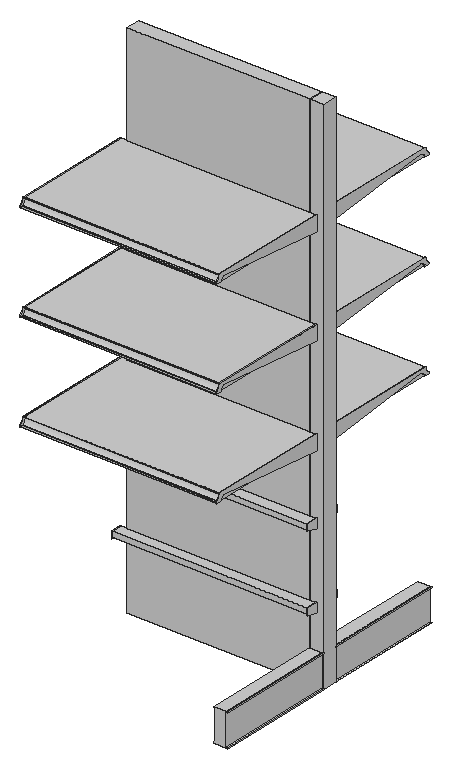
Revit family "MS2", category Specialty Equipment, Revit 2012
Parameters (values of type "Maxi Integrated Pallet System Starter (Default)")
  Width = 3' - 0"
  URL = "http://madixinc.com/display/maxiline/core.html"
  Model = "Maxi Line"
  Manufacturer = "© 2012 Madix, Inc. All rights reserved."
  "Front" Shelf 3' - 6" [instance] = yes
  "Front" Shelf 5' [instance] = yes
  "Front" Shelf 6' - 6" [instance] = yes
  "Back" Base Shoes [instance] = yes
  "Back" Shelf 3' - 6" [instance] = yes
  "Front" Shelf Depth = 1' - 10"
  "Back" Shelf 5' [instance] = yes
  "Back" Shelf Depth = 1' - 10"
  Upright Height = 8' - 0"
  "Back" Shelf 6' - 6" [instance] = yes
Reference planes (in)
  plane 1 "Center (Front/Back)": y = 0
  plane 2: z = 0
  plane 3 "Center (Left/Right)": x = 0
  plane 4: y = 1.375
  plane 5: y = -1.375
  plane 6: z = 96
  plane 7: z = 0
  plane 8 "1st shelf": z = 23.5
  plane 9 "2nd shelf": z = 41.5
  plane 10 "3rd shelf": z = 59.5
  plane 11 "4th shelf": z = 77.5
  plane 12: y = -24.25
  plane 13: x = -18
  plane 14: x = 18
  plane 15: x = -17.875
  plane 16: x = 17.875
  plane 17: z = 41.5
  plane 18: y = 24.25
  plane 19: y = 23.375
  plane 20: y = -23.375
  plane 21: z = 13.83333
  plane 22: z = 27.66667
Forms (in)
  Extrusion 1, solid, material "Metal - Steel"
    sketch origin (-24, 1.375, 0) x (1, 0, 0) y (0, 0, 1)
      loop
        line (7.2815, 0) -> (42, 0) -> (43.25, 0) -> (43.25, 96) -> (40.75, 96) -> (40.75, 0.03125) -> (40.71924, 0.03125) -> (40.71924, 96) -> (7.2815, 96) -> (7.2815, 0)
    from 0 to 2.75
  Extrusion 2, solid, material "Metal - Steel", visible <- ""Front" Shelf 3' - 6""
    sketch origin (0, 0, 18) x (0, 1, 0) y (0, 0, 1)
      loop
        line (-1.375, 23.5) -> (-23.5, 23.5) -> (-23.625, 23.5)
        arc (-23.625, 23.5) -> (-23.83033, 22.87796) -> (-24.25, 22.375) r 1.75
        line (-24.25, 22.375) -> (-24.25, 22.125) -> (-23.375, 22.125) -> (-23.375, 22.375) -> (-22.625, 23) -> (-22.375, 23) -> (-22.375, 22.875) -> (-1.375, 20.75) -> (-1.375, 23.5)
      loop
        circle (-20.375, 23) r 0.125
      loop
        circle (-2.5, 23) r 0.125
    from -17.875 to -18
  Extrusion 3, solid, material "Metal - Steel", visible <- ""Front" Shelf 3' - 6""
    sketch origin (0, 0, 18) x (0, 1, 0) y (0, 0, 1)
      loop
        line (-23.5, 23.5) -> (-23.5, 23.375) -> (-23.375, 23.375)
        arc (-23.375, 23.375) -> (-23.58033, 22.75296) -> (-24, 22.25) r 1.75
        line (-24, 22.25) -> (-24, 22.375) -> (-24.25, 22.375) -> (-24.25, 22.125) -> (-23.375, 22.125) -> (-1.375, 22.125) -> (-1.375, 23.5) -> (-23.5, 23.5)
    from -17.875 to 17.875
  Extrusion 4, solid, material "Metal - Steel", visible <- ""Front" Shelf 3' - 6""
    sketch origin (0, 0, 18) x (0, 1, 0) y (0, 0, -1)
      loop
        line (-1.375, -23.5) -> (-1.375, -20.75) -> (-22.375, -22.875) -> (-22.375, -23) -> (-22.625, -23) -> (-23.375, -22.375) -> (-23.375, -22.125) -> (-24.25, -22.125) -> (-24.25, -22.375)
        arc (-24.25, -22.375) -> (-23.83033, -22.87796) -> (-23.625, -23.5) r 1.75
        line (-23.625, -23.5) -> (-23.5, -23.5) -> (-1.375, -23.5)
      loop
        circle (-20.375, -23) r 0.125
      loop
        circle (-2.5, -23) r 0.125
    from -18 to -17.875
  Extrusion 5, solid, material "Metal - Steel", visible <- ""Front" Shelf 5'"
    sketch origin (0, 0, 36) x (0, 1, 0) y (0, 0, 1)
      loop
        line (-1.375, 23.5) -> (-23.5, 23.5) -> (-23.625, 23.5)
        arc (-23.625, 23.5) -> (-23.83033, 22.87796) -> (-24.25, 22.375) r 1.75
        line (-24.25, 22.375) -> (-24.25, 22.125) -> (-23.375, 22.125) -> (-23.375, 22.375) -> (-22.625, 23) -> (-22.375, 23) -> (-22.375, 22.875) -> (-1.375, 20.75) -> (-1.375, 23.5)
      loop
        circle (-20.375, 23) r 0.125
      loop
        circle (-2.5, 23) r 0.125
    from -18 to -17.875
  Extrusion 6, solid, material "Metal - Steel", visible <- ""Front" Shelf 5'"
    sketch origin (0, 0, 36) x (0, 1, 0) y (0, 0, 1)
      loop
        line (-23.5, 23.5) -> (-23.5, 23.375) -> (-23.375, 23.375)
        arc (-23.375, 23.375) -> (-23.58033, 22.75296) -> (-24, 22.25) r 1.75
        line (-24, 22.25) -> (-24, 22.375) -> (-24.25, 22.375) -> (-24.25, 22.125) -> (-23.375, 22.125) -> (-1.375, 22.125) -> (-1.375, 23.5) -> (-23.5, 23.5)
    from -17.875 to 17.875
  Extrusion 7, solid, material "Metal - Steel", visible <- ""Front" Shelf 5'"
    sketch origin (0, 0, 36) x (0, 1, 0) y (0, 0, -1)
      loop
        line (-1.375, -23.5) -> (-1.375, -20.75) -> (-22.375, -22.875) -> (-22.375, -23) -> (-22.625, -23) -> (-23.375, -22.375) -> (-23.375, -22.125) -> (-24.25, -22.125) -> (-24.25, -22.375)
        arc (-24.25, -22.375) -> (-23.83033, -22.87796) -> (-23.625, -23.5) r 1.75
        line (-23.625, -23.5) -> (-23.5, -23.5) -> (-1.375, -23.5)
      loop
        circle (-20.375, -23) r 0.125
      loop
        circle (-2.5, -23) r 0.125
    from -18 to -17.875
  Extrusion 8, solid, material "Metal - Steel", visible <- ""Front" Shelf 6' - 6""
    sketch origin (0, 0, 54) x (0, 1, 0) y (0, 0, 1)
      loop
        line (-1.375, 23.5) -> (-23.5, 23.5) -> (-23.625, 23.5)
        arc (-23.625, 23.5) -> (-23.83033, 22.87796) -> (-24.25, 22.375) r 1.75
        line (-24.25, 22.375) -> (-24.25, 22.125) -> (-23.375, 22.125) -> (-23.375, 22.375) -> (-22.625, 23) -> (-22.375, 23) -> (-22.375, 22.875) -> (-1.375, 20.75) -> (-1.375, 23.5)
      loop
        circle (-20.375, 23) r 0.125
      loop
        circle (-2.5, 23) r 0.125
    from -18 to -17.875
  Extrusion 9, solid, material "Metal - Steel", visible <- ""Front" Shelf 6' - 6""
    sketch origin (0, 0, 54) x (0, 1, 0) y (0, 0, 1)
      loop
        line (-23.5, 23.5) -> (-23.5, 23.375) -> (-23.375, 23.375)
        arc (-23.375, 23.375) -> (-23.58033, 22.75296) -> (-24, 22.25) r 1.75
        line (-24, 22.25) -> (-24, 22.375) -> (-24.25, 22.375) -> (-24.25, 22.125) -> (-23.375, 22.125) -> (-1.375, 22.125) -> (-1.375, 23.5) -> (-23.5, 23.5)
    from -17.875 to 17.875
  Extrusion 10, solid, material "Metal - Steel", visible <- ""Front" Shelf 6' - 6""
    sketch origin (0, 0, 54) x (0, 1, 0) y (0, 0, -1)
      loop
        line (-1.375, -23.5) -> (-1.375, -20.75) -> (-22.375, -22.875) -> (-22.375, -23) -> (-22.625, -23) -> (-23.375, -22.375) -> (-23.375, -22.125) -> (-24.25, -22.125) -> (-24.25, -22.375)
        arc (-24.25, -22.375) -> (-23.83033, -22.87796) -> (-23.625, -23.5) r 1.75
        line (-23.625, -23.5) -> (-23.5, -23.5) -> (-1.375, -23.5)
      loop
        circle (-20.375, -23) r 0.125
      loop
        circle (-2.5, -23) r 0.125
    from -18 to -17.875
  Extrusion 11, solid, material "Metal - Steel", visible <- ""Back" Shelf 3' - 6""
    sketch origin (0, 0, 18) x (0, -1, 0) y (0, 0, -1)
      loop
        line (-1.375, -23.5) -> (-1.375, -20.75) -> (-22.375, -22.875) -> (-22.375, -23) -> (-22.625, -23) -> (-23.375, -22.375) -> (-23.375, -22.125) -> (-24.25, -22.125) -> (-24.25, -22.375)
        arc (-24.25, -22.375) -> (-23.83033, -22.87796) -> (-23.625, -23.5) r 1.75
        line (-23.625, -23.5) -> (-23.5, -23.5) -> (-1.375, -23.5)
      loop
        circle (-20.375, -23) r 0.125
      loop
        circle (-2.5, -23) r 0.125
    from -18 to -17.875
  Extrusion 12, solid, material "Metal - Steel", visible <- ""Back" Shelf 3' - 6""
    sketch origin (0, 0, 18) x (0, -1, 0) y (0, 0, -1)
      loop
        line (-23.5, -23.5) -> (-1.375, -23.5) -> (-1.375, -22.125) -> (-23.375, -22.125) -> (-24.25, -22.125) -> (-24.25, -22.375) -> (-24, -22.375) -> (-24, -22.25)
        arc (-24, -22.25) -> (-23.58033, -22.75296) -> (-23.375, -23.375) r 1.75
        line (-23.375, -23.375) -> (-23.5, -23.375) -> (-23.5, -23.5)
    from -17.875 to 17.875
  Extrusion 13, solid, material "Metal - Steel", visible <- ""Back" Shelf 3' - 6""
    sketch origin (0, 0, 18) x (0, -1, 0) y (0, 0, 1)
      loop
        line (-1.375, 23.5) -> (-23.5, 23.5) -> (-23.625, 23.5)
        arc (-23.625, 23.5) -> (-23.83033, 22.87796) -> (-24.25, 22.375) r 1.75
        line (-24.25, 22.375) -> (-24.25, 22.125) -> (-23.375, 22.125) -> (-23.375, 22.375) -> (-22.625, 23) -> (-22.375, 23) -> (-22.375, 22.875) -> (-1.375, 20.75) -> (-1.375, 23.5)
      loop
        circle (-20.375, 23) r 0.125
      loop
        circle (-2.5, 23) r 0.125
    from -18 to -17.875
  Extrusion 14, solid, material "Metal - Steel", visible <- ""Back" Shelf 5'"
    sketch origin (0, 0, 36) x (0, -1, 0) y (0, 0, -1)
      loop
        line (-1.375, -23.5) -> (-1.375, -20.75) -> (-22.375, -22.875) -> (-22.375, -23) -> (-22.625, -23) -> (-23.375, -22.375) -> (-23.375, -22.125) -> (-24.25, -22.125) -> (-24.25, -22.375)
        arc (-24.25, -22.375) -> (-23.83033, -22.87796) -> (-23.625, -23.5) r 1.75
        line (-23.625, -23.5) -> (-23.5, -23.5) -> (-1.375, -23.5)
      loop
        circle (-20.375, -23) r 0.125
      loop
        circle (-2.5, -23) r 0.125
    from -18 to -17.875
  Extrusion 15, solid, material "Metal - Steel", visible <- ""Back" Shelf 5'"
    sketch origin (0, 0, 36) x (0, -1, 0) y (0, 0, -1)
      loop
        line (-23.5, -23.5) -> (-1.375, -23.5) -> (-1.375, -22.125) -> (-23.375, -22.125) -> (-24.25, -22.125) -> (-24.25, -22.375) -> (-24, -22.375) -> (-24, -22.25)
        arc (-24, -22.25) -> (-23.58033, -22.75296) -> (-23.375, -23.375) r 1.75
        line (-23.375, -23.375) -> (-23.5, -23.375) -> (-23.5, -23.5)
    from -17.875 to 17.875
  Extrusion 16, solid, material "Metal - Steel", visible <- ""Back" Shelf 5'"
    sketch origin (0, 0, 36) x (0, -1, 0) y (0, 0, 1)
      loop
        line (-1.375, 23.5) -> (-23.5, 23.5) -> (-23.625, 23.5)
        arc (-23.625, 23.5) -> (-23.83033, 22.87796) -> (-24.25, 22.375) r 1.75
        line (-24.25, 22.375) -> (-24.25, 22.125) -> (-23.375, 22.125) -> (-23.375, 22.375) -> (-22.625, 23) -> (-22.375, 23) -> (-22.375, 22.875) -> (-1.375, 20.75) -> (-1.375, 23.5)
      loop
        circle (-20.375, 23) r 0.125
      loop
        circle (-2.5, 23) r 0.125
    from -18 to -17.875
  Extrusion 17, solid, material "Metal - Steel", visible <- ""Back" Shelf 6' - 6""
    sketch origin (0, 0, 54) x (0, -1, 0) y (0, 0, -1)
      loop
        line (-1.375, -23.5) -> (-1.375, -20.75) -> (-22.375, -22.875) -> (-22.375, -23) -> (-22.625, -23) -> (-23.375, -22.375) -> (-23.375, -22.125) -> (-24.25, -22.125) -> (-24.25, -22.375)
        arc (-24.25, -22.375) -> (-23.83033, -22.87796) -> (-23.625, -23.5) r 1.75
        line (-23.625, -23.5) -> (-23.5, -23.5) -> (-1.375, -23.5)
      loop
        circle (-20.375, -23) r 0.125
      loop
        circle (-2.5, -23) r 0.125
    from -18 to -17.875
  Extrusion 18, solid, material "Metal - Steel", visible <- ""Back" Shelf 6' - 6""
    sketch origin (0, 0, 54) x (0, -1, 0) y (0, 0, -1)
      loop
        line (-23.5, -23.5) -> (-1.375, -23.5) -> (-1.375, -22.125) -> (-23.375, -22.125) -> (-24.25, -22.125) -> (-24.25, -22.375) -> (-24, -22.375) -> (-24, -22.25)
        arc (-24, -22.25) -> (-23.58033, -22.75296) -> (-23.375, -23.375) r 1.75
        line (-23.375, -23.375) -> (-23.5, -23.375) -> (-23.5, -23.5)
    from -17.875 to 17.875
  Extrusion 19, solid, material "Metal - Steel", visible <- ""Back" Shelf 6' - 6""
    sketch origin (0, 0, 54) x (0, -1, 0) y (0, 0, 1)
      loop
        line (-1.375, 23.5) -> (-23.5, 23.5) -> (-23.625, 23.5)
        arc (-23.625, 23.5) -> (-23.83033, 22.87796) -> (-24.25, 22.375) r 1.75
        line (-24.25, 22.375) -> (-24.25, 22.125) -> (-23.375, 22.125) -> (-23.375, 22.375) -> (-22.625, 23) -> (-22.375, 23) -> (-22.375, 22.875) -> (-1.375, 20.75) -> (-1.375, 23.5)
      loop
        circle (-20.375, 23) r 0.125
      loop
        circle (-2.5, 23) r 0.125
    from -18 to -17.875
  Extrusion 20, solid, material "Metal - Steel"
    sketch origin (0, 0, 0) x (-1, 0, 0) y (0, 0, -1)
      loop
        line (-16.75, 0) -> (-19.25, 0) -> (-19.25, -0.125) -> (-19, -0.125) -> (-19, -5.875) -> (-19.25, -5.875) -> (-19.25, -6) -> (-16.75, -6) -> (-16.75, -5.875) -> (-17, -5.875) -> (-17, -0.125) -> (-16.75, -0.125) -> (-16.75, 0)
    from 1.375 to 23.375
  Extrusion 21, solid, material "Metal - Steel", visible <- ""Back" Base Shoes"
    sketch origin (0, 0, 0) x (-1, 0, 0) y (0, 0, 1)
      loop
        line (-16.75, 0) -> (-16.75, 0.125) -> (-17, 0.125) -> (-17, 5.875) -> (-16.75, 5.875) -> (-16.75, 6) -> (-19.25, 6) -> (-19.25, 5.875) -> (-19, 5.875) -> (-19, 0.125) -> (-19.25, 0.125) -> (-19.25, 0) -> (-16.75, 0)
    from 1.375 to 23.375
  Extrusion 22, solid, material "Metal - Steel"
    sketch origin (0, 0, 0) x (0, 1, 0) y (0, 0, 1)
      loop
        line (-1.375, 27.66667) -> (-3.375, 27.66667) -> (-3.375, 26.66667) -> (-1.375, 26.66667) -> (-1.375, 27.66667)
      loop
        line (-1.375, 13.83333) -> (-3.375, 13.83333) -> (-3.375, 12.83333) -> (-1.375, 12.83333) -> (-1.375, 13.83333)
    from -17.875 to 17.875
  Extrusion 23, solid, material "Metal - Steel", visible <- ""Back" Base Shoes"
    sketch origin (0, 0, 0) x (0, -1, 0) y (0, 0, -1)
      loop
        line (-1.375, -27.66667) -> (-1.375, -26.66667) -> (-3.375, -26.66667) -> (-3.375, -27.66667) -> (-1.375, -27.66667)
      loop
        line (-1.375, -13.83333) -> (-1.375, -12.83333) -> (-3.375, -12.83333) -> (-3.375, -13.83333) -> (-1.375, -13.83333)
    from -17.875 to 17.875
  Extrusion 24, solid, material "Metal - Steel"
    sketch origin (0, 0, 0) x (0, 1, 0) y (0, 0, 1)
      loop
        line (-1.375, 27.66667) -> (-3.375, 27.66667) -> (-3.375, 26.41667) -> (-1.375, 25.91667) -> (-1.375, 27.66667)
      loop
        line (-1.375, 13.83333) -> (-3.375, 13.83333) -> (-3.375, 12.58333) -> (-1.375, 12.08333) -> (-1.375, 13.83333)
    from -18 to -17.875
  Extrusion 25, solid, material "Metal - Steel", visible <- ""Back" Base Shoes"
    sketch origin (0, 0, 0) x (0, -1, 0) y (0, 0, -1)
      loop
        line (-1.375, -27.66667) -> (-1.375, -25.91667) -> (-3.375, -26.41667) -> (-3.375, -27.66667) -> (-1.375, -27.66667)
      loop
        line (-1.375, -13.83333) -> (-1.375, -12.08333) -> (-3.375, -12.58333) -> (-3.375, -13.83333) -> (-1.375, -13.83333)
    from -18 to -17.875
  Extrusion 26, solid, material "Metal - Steel", visible <- ""Back" Base Shoes"
    sketch origin (0, 0, 0) x (0, -1, 0) y (0, 0, 1)
      loop
        line (-1.375, 27.66667) -> (-3.375, 27.66667) -> (-3.375, 26.41667) -> (-1.375, 25.91667) -> (-1.375, 27.66667)
      loop
        line (-1.375, 13.83333) -> (-3.375, 13.83333) -> (-3.375, 12.58333) -> (-1.375, 12.08333) -> (-1.375, 13.83333)
    from -18 to -17.875
  Extrusion 27, solid, material "Metal - Steel"
    sketch origin (0, 0, 0) x (0, 1, 0) y (0, 0, -1)
      loop
        line (-1.375, -27.66667) -> (-1.375, -25.91667) -> (-3.375, -26.41667) -> (-3.375, -27.66667) -> (-1.375, -27.66667)
      loop
        line (-1.375, -13.83333) -> (-1.375, -12.08333) -> (-3.375, -12.58333) -> (-3.375, -13.83333) -> (-1.375, -13.83333)
    from -18 to -17.875
Lines and regions (in)
  Split face 1
    outline origin (-24, -1.375, 0) x (1, 0, 0) y (0, 0, 1)
      loop
        line (7.2815, 96) -> (7.2815, 0.03125) -> (40.71924, 0.03125) -> (40.71924, 96)
  Split face 2
    outline origin (-24, 1.375, 0) x (1, 0, 0) y (0, 0, 1)
      loop
        line (40.71924, 96) -> (40.71924, 0.03125) -> (7.2815, 0.03125) -> (7.2815, 96)
  reference lines
    curve 1: line (-16.75, 0, 59.5) -> (16.71875, 0, 59.5)
    curve 2: line (16.71875, 0, 77.5) -> (-16.71875, 0, 77.5)
Dimensions and locks (in)
  "Upright Height": plane 6 to level
  ""Front" Shelf Depth": plane 20 to plane 5
  equal spacing: plane 13, plane 3 "Center (Left/Right)", plane 14
  "Width": plane 13 to plane 14
  locked: plane 13 to plane 15 at 0.125
  locked: plane 16 to plane 14 at 0.125
  ""Back" Shelf Depth": plane 4 to plane 19
  locked: plane 19 to plane 18 at 0.875
  locked: plane 20 to plane 12 at 0.875
  aligned and locked: level to plane 2
  aligned and locked: Extrusion 3 to Extrusion 4
  aligned and locked: Extrusion 6 to Extrusion 7
  aligned and locked: Extrusion 6 to Extrusion 5
  aligned and locked: Extrusion 9 to Extrusion 10
  aligned and locked: Extrusion 9 to Extrusion 8
  aligned and locked: Extrusion 13 to Extrusion 12
  aligned and locked: Extrusion 11 to Extrusion 12
  aligned and locked: plane 15 to Extrusion 11
  aligned and locked: plane 13 to Extrusion 11
  aligned and locked: Extrusion 13 to plane 14
  aligned and locked: Extrusion 13 to plane 16
  aligned and locked: Extrusion 16 to Extrusion 15
  aligned and locked: Extrusion 14 to Extrusion 15
  aligned and locked: Extrusion 16 to plane 16
  aligned and locked: Extrusion 16 to plane 14
  aligned and locked: plane 15 to Extrusion 14
  aligned and locked: plane 13 to Extrusion 14
  aligned and locked: Extrusion 19 to Extrusion 18
  aligned and locked: Extrusion 17 to Extrusion 18
  aligned and locked: plane 13 to Extrusion 17
  aligned and locked: plane 15 to Extrusion 17
  aligned and locked: Extrusion 19 to plane 14
  aligned and locked: Extrusion 19 to plane 16
  aligned and locked: Extrusion 1 to plane 6  (x2)
  aligned and locked: Extrusion 20 to plane 5
  aligned and locked: Extrusion 21 to Extrusion 12
  aligned and locked: Extrusion 21 to plane 4
  aligned and locked: Extrusion 3 to Extrusion 20
  aligned and locked: Extrusion 20 to plane 20
  aligned and locked: Extrusion 21 to plane 19
  aligned and locked: Extrusion 23 to plane 15
  aligned and locked: Extrusion 23 to plane 16
  aligned and locked: Extrusion 22 to plane 16
  aligned and locked: Extrusion 22 to plane 15
  aligned and locked: plane 13 to Extrusion 25
  aligned and locked: plane 15 to Extrusion 25
  aligned and locked: plane 16 to Extrusion 26
  aligned and locked: Extrusion 26 to plane 14
  aligned and locked: plane 13 to Extrusion 24
  aligned and locked: plane 15 to Extrusion 24
  aligned and locked: plane 16 to Extrusion 27
  aligned and locked: Extrusion 27 to plane 14
  aligned and locked: plane 13 to Extrusion 2
  aligned and locked: Extrusion 2 to plane 15
  aligned and locked: plane 13 to Extrusion 8
  aligned and locked: Extrusion 8 to plane 15
  aligned and locked: plane 13 to Extrusion 5
  aligned and locked: Extrusion 5 to plane 15
  aligned and locked: Extrusion 10 to plane 14
  aligned and locked: plane 16 to Extrusion 10
  aligned and locked: Extrusion 7 to plane 14
  aligned and locked: plane 16 to Extrusion 7
  aligned and locked: Extrusion 4 to plane 14
  aligned and locked: plane 16 to Extrusion 4
  aligned and locked: Extrusion 3 to plane 15
Automatic sketch dimensions
  curve 1 to plane 10 "3rd shelf" = 0' - 0"
  curve 2 to plane 11 "4th shelf" = 0' - 0"
  plane 15 to curve 1 = 0' - 1 1/8"
  plane 15 to curve 2 = 0' - 1 5/32"
  plane 16 to curve 2 = 0' - 1 5/32"
  plane 16 to curve 1 = 0' - 1 5/32"
  Extrusion 2 sketch curve to plane 12 = 0' - 0"
  Extrusion 2 sketch curve to plane 9 "2nd shelf" = 0' - 0"
  Extrusion 2 sketch curve to plane 20 = 0' - 0"
  Extrusion 2 sketch curve to plane 5 = 0' - 0"
  plane 9 "2nd shelf" to Extrusion 2 sketch curve = 0' - 0.22784"
  Extrusion 2 sketch curve to plane 12 = 0' - 1.11011"
  Extrusion 2 sketch curve to plane 20 = 0' - 0 1/4"
  Extrusion 2 sketch curve to Extrusion 2 sketch curve = 0' - 0 1/8"  (x2)
  plane 20 to Extrusion 2 sketch curve = 0' - 0 3/4"
  Extrusion 2 sketch curve to Extrusion 2 sketch curve = 0' - 0 1/4"  (x2)
  Extrusion 2 sketch curve to plane 9 "2nd shelf" = 0' - 0 1/2"  (x2)
  Extrusion 2 sketch curve to Extrusion 2 sketch curve = 0' - 2"
  plane 5 to Extrusion 2 sketch curve = 0' - 1 1/8"
  Extrusion 2 sketch curve to Extrusion 2 sketch curve = 0' - 0"
  Extrusion 2 sketch curve to Extrusion 2 sketch curve = 0' - 2 1/4"
  Extrusion 2 sketch curve to plane 9 "2nd shelf" = 0' - 0 5/8"
  Extrusion 3 sketch curve to plane 12 = 0' - 0"
  Extrusion 3 sketch curve to plane 9 "2nd shelf" = 0' - 0"
  Extrusion 3 sketch curve to plane 20 = 0' - 0"  (x2)
  Extrusion 3 sketch curve to plane 5 = 0' - 0"
  plane 9 "2nd shelf" to Extrusion 3 sketch curve = 0' - 0.10284"
  Extrusion 3 sketch curve to plane 12 = 0' - 0.86011"
  plane 12 to Extrusion 3 sketch curve = 0' - 0 1/4"
  Extrusion 3 sketch curve to plane 20 = 0' - 0 1/8"
  Extrusion 3 sketch curve to plane 9 "2nd shelf" = 0' - 0 1/8"
  Extrusion 3 sketch curve to Extrusion 3 sketch curve = 0' - 0 1/8"
  Extrusion 3 sketch curve to Extrusion 3 sketch curve = 0' - 0 1/4"
  Extrusion 4 sketch curve to plane 12 = 0' - 0"
  Extrusion 4 sketch curve to plane 9 "2nd shelf" = 0' - 0"
  Extrusion 4 sketch curve to plane 20 = 0' - 0"
  Extrusion 4 sketch curve to plane 5 = 0' - 0"
  plane 9 "2nd shelf" to Extrusion 4 sketch curve = 0' - 0.22784"
  Extrusion 4 sketch curve to plane 12 = 0' - 1.11011"
  Extrusion 4 sketch curve to plane 20 = 0' - 0 1/4"
  Extrusion 4 sketch curve to plane 20 = 0' - 0 1/8"
  plane 20 to Extrusion 4 sketch curve = 0' - 0 3/4"
  Extrusion 4 sketch curve to Extrusion 4 sketch curve = 0' - 0 1/4"  (x2)
  Extrusion 4 sketch curve to plane 9 "2nd shelf" = 0' - 0 1/2"  (x3)
  Extrusion 4 sketch curve to Extrusion 4 sketch curve = 0' - 2"
  plane 5 to Extrusion 4 sketch curve = 0' - 1 1/8"
  Extrusion 4 sketch curve to Extrusion 4 sketch curve = 0' - 0 1/8"
  Extrusion 4 sketch curve to Extrusion 4 sketch curve = 0' - 0"
  Extrusion 4 sketch curve to Extrusion 4 sketch curve = 0' - 2 1/4"
  Extrusion 5 sketch curve to plane 12 = 0' - 0"
  Extrusion 5 sketch curve to plane 10 "3rd shelf" = 0' - 0"
  Extrusion 5 sketch curve to plane 20 = 0' - 0"
  Extrusion 5 sketch curve to plane 5 = 0' - 0"
  plane 10 "3rd shelf" to Extrusion 5 sketch curve = 0' - 0.22784"
  Extrusion 5 sketch curve to plane 12 = 0' - 1.11011"
  Extrusion 5 sketch curve to plane 20 = 0' - 0 1/4"
  Extrusion 5 sketch curve to Extrusion 5 sketch curve = 0' - 0 1/8"  (x2)
  plane 20 to Extrusion 5 sketch curve = 0' - 0 3/4"
  Extrusion 5 sketch curve to Extrusion 5 sketch curve = 0' - 0 1/4"  (x2)
  Extrusion 5 sketch curve to plane 10 "3rd shelf" = 0' - 0 1/2"  (x2)
  Extrusion 5 sketch curve to Extrusion 5 sketch curve = 0' - 2"
  plane 5 to Extrusion 5 sketch curve = 0' - 1 1/8"
  Extrusion 5 sketch curve to Extrusion 5 sketch curve = 0' - 0"
  Extrusion 5 sketch curve to Extrusion 5 sketch curve = 0' - 2 1/4"
  Extrusion 5 sketch curve to plane 10 "3rd shelf" = 0' - 0 5/8"
  Extrusion 6 sketch curve to plane 12 = 0' - 0"
  Extrusion 6 sketch curve to plane 10 "3rd shelf" = 0' - 0"
  Extrusion 6 sketch curve to plane 20 = 0' - 0"  (x2)
  Extrusion 6 sketch curve to plane 5 = 0' - 0"
  plane 10 "3rd shelf" to Extrusion 6 sketch curve = 0' - 0.10284"
  Extrusion 6 sketch curve to plane 12 = 0' - 0.86011"
  plane 12 to Extrusion 6 sketch curve = 0' - 0 1/4"
  Extrusion 6 sketch curve to plane 20 = 0' - 0 1/8"
  Extrusion 6 sketch curve to plane 10 "3rd shelf" = 0' - 0 1/8"
  Extrusion 6 sketch curve to Extrusion 6 sketch curve = 0' - 0 1/8"
  Extrusion 6 sketch curve to Extrusion 6 sketch curve = 0' - 0 1/4"
  Extrusion 7 sketch curve to plane 12 = 0' - 0"
  Extrusion 7 sketch curve to plane 10 "3rd shelf" = 0' - 0"
  Extrusion 7 sketch curve to plane 20 = 0' - 0"
  Extrusion 7 sketch curve to plane 5 = 0' - 0"
  plane 10 "3rd shelf" to Extrusion 7 sketch curve = 0' - 0.22784"
  Extrusion 7 sketch curve to plane 12 = 0' - 1.11011"
  Extrusion 7 sketch curve to plane 20 = 0' - 0 1/4"
  Extrusion 7 sketch curve to Extrusion 7 sketch curve = 0' - 0 1/8"  (x2)
  plane 20 to Extrusion 7 sketch curve = 0' - 0 3/4"
  Extrusion 7 sketch curve to Extrusion 7 sketch curve = 0' - 0 1/4"  (x2)
  Extrusion 7 sketch curve to plane 10 "3rd shelf" = 0' - 0 1/2"  (x3)
  Extrusion 7 sketch curve to Extrusion 7 sketch curve = 0' - 2"
  plane 5 to Extrusion 7 sketch curve = 0' - 1 1/8"
  Extrusion 7 sketch curve to Extrusion 7 sketch curve = 0' - 0"
  Extrusion 7 sketch curve to Extrusion 7 sketch curve = 0' - 2 1/4"
  Extrusion 8 sketch curve to plane 12 = 0' - 0"
  Extrusion 8 sketch curve to plane 11 "4th shelf" = 0' - 0"
  Extrusion 8 sketch curve to plane 20 = 0' - 0"
  Extrusion 8 sketch curve to plane 5 = 0' - 0"
  plane 11 "4th shelf" to Extrusion 8 sketch curve = 0' - 0.22784"
  Extrusion 8 sketch curve to plane 12 = 0' - 1.11011"
  Extrusion 8 sketch curve to plane 20 = 0' - 0 1/4"
  Extrusion 8 sketch curve to Extrusion 8 sketch curve = 0' - 0 1/8"  (x2)
  plane 20 to Extrusion 8 sketch curve = 0' - 0 3/4"
  Extrusion 8 sketch curve to Extrusion 8 sketch curve = 0' - 0 1/4"  (x2)
  Extrusion 8 sketch curve to plane 11 "4th shelf" = 0' - 0 1/2"  (x2)
  Extrusion 8 sketch curve to Extrusion 8 sketch curve = 0' - 2"
  plane 5 to Extrusion 8 sketch curve = 0' - 1 1/8"
  Extrusion 8 sketch curve to Extrusion 8 sketch curve = 0' - 0"
  Extrusion 8 sketch curve to Extrusion 8 sketch curve = 0' - 2 1/4"
  Extrusion 8 sketch curve to plane 11 "4th shelf" = 0' - 0 5/8"
  Extrusion 9 sketch curve to plane 12 = 0' - 0"
  Extrusion 9 sketch curve to plane 11 "4th shelf" = 0' - 0"
  Extrusion 9 sketch curve to plane 20 = 0' - 0"  (x2)
  Extrusion 9 sketch curve to plane 5 = 0' - 0"
  plane 11 "4th shelf" to Extrusion 9 sketch curve = 0' - 0.10284"
  Extrusion 9 sketch curve to plane 12 = 0' - 0.86011"
  plane 12 to Extrusion 9 sketch curve = 0' - 0 1/4"
  Extrusion 9 sketch curve to plane 20 = 0' - 0 1/8"
  Extrusion 9 sketch curve to plane 11 "4th shelf" = 0' - 0 1/8"
  Extrusion 9 sketch curve to Extrusion 9 sketch curve = 0' - 0 1/8"
  Extrusion 9 sketch curve to Extrusion 9 sketch curve = 0' - 0 1/4"
  Extrusion 10 sketch curve to plane 12 = 0' - 0"
  Extrusion 10 sketch curve to plane 11 "4th shelf" = 0' - 0"
  Extrusion 10 sketch curve to plane 20 = 0' - 0"
  Extrusion 10 sketch curve to plane 5 = 0' - 0"
  plane 11 "4th shelf" to Extrusion 10 sketch curve = 0' - 0.22784"
  Extrusion 10 sketch curve to plane 12 = 0' - 1.11011"
  Extrusion 10 sketch curve to plane 20 = 0' - 0 1/4"
  Extrusion 10 sketch curve to Extrusion 10 sketch curve = 0' - 0 1/8"  (x2)
  plane 20 to Extrusion 10 sketch curve = 0' - 0 3/4"
  Extrusion 10 sketch curve to Extrusion 10 sketch curve = 0' - 0 1/4"  (x2)
  Extrusion 10 sketch curve to plane 11 "4th shelf" = 0' - 0 1/2"  (x3)
  Extrusion 10 sketch curve to Extrusion 10 sketch curve = 0' - 2"
  plane 5 to Extrusion 10 sketch curve = 0' - 1 1/8"
  Extrusion 10 sketch curve to Extrusion 10 sketch curve = 0' - 0"
  Extrusion 10 sketch curve to Extrusion 10 sketch curve = 0' - 2 1/4"
  Split face 1 sketch curve to Extrusion 1 = 0' - 0"  (x4)
  Extrusion 1 to Split face 1 sketch curve = 0' - 0"
  Extrusion 11 sketch curve to plane 18 = 0' - 0"
  Extrusion 11 sketch curve to plane 9 "2nd shelf" = 0' - 0"
  Extrusion 11 sketch curve to plane 19 = 0' - 0"
  Extrusion 11 sketch curve to plane 4 = 0' - 0"
  Extrusion 11 sketch curve to plane 9 "2nd shelf" = 0' - 0.22784"
  plane 18 to Extrusion 11 sketch curve = 0' - 1.11011"
  plane 19 to Extrusion 11 sketch curve = 0' - 0 1/4"
  Extrusion 11 sketch curve to Extrusion 11 sketch curve = 0' - 0 1/8"  (x2)
  Extrusion 11 sketch curve to plane 19 = 0' - 0 3/4"
  Extrusion 11 sketch curve to Extrusion 11 sketch curve = 0' - 0 1/4"  (x2)
  plane 9 "2nd shelf" to Extrusion 11 sketch curve = 0' - 0 1/2"  (x2)
  Extrusion 11 sketch curve to Extrusion 11 sketch curve = 0' - 2"
  Extrusion 11 sketch curve to plane 4 = 0' - 1 1/8"
  Extrusion 11 sketch curve to Extrusion 11 sketch curve = 0' - 0"
  Extrusion 11 sketch curve to Extrusion 11 sketch curve = 0' - 2 1/4"
  plane 9 "2nd shelf" to Extrusion 11 sketch curve = 0' - 0 5/8"
  Extrusion 12 sketch curve to plane 18 = 0' - 0"
  Extrusion 12 sketch curve to plane 9 "2nd shelf" = 0' - 0"
  Extrusion 12 sketch curve to plane 19 = 0' - 0"  (x2)
  Extrusion 12 sketch curve to plane 4 = 0' - 0"
  Extrusion 12 sketch curve to plane 9 "2nd shelf" = 0' - 0.10284"
  plane 18 to Extrusion 12 sketch curve = 0' - 0.86011"
  Extrusion 12 sketch curve to plane 18 = 0' - 0 1/4"
  plane 19 to Extrusion 12 sketch curve = 0' - 0 1/8"
  plane 9 "2nd shelf" to Extrusion 12 sketch curve = 0' - 0 1/8"
  Extrusion 12 sketch curve to Extrusion 12 sketch curve = 0' - 0 1/8"
  Extrusion 12 sketch curve to Extrusion 12 sketch curve = 0' - 0 1/4"
  Extrusion 13 sketch curve to plane 18 = 0' - 0"
  Extrusion 13 sketch curve to plane 9 "2nd shelf" = 0' - 0"
  Extrusion 13 sketch curve to plane 19 = 0' - 0"
  Extrusion 13 sketch curve to plane 4 = 0' - 0"
  plane 9 "2nd shelf" to Extrusion 13 sketch curve = 0' - 0.22784"
  Extrusion 13 sketch curve to plane 18 = 0' - 1.11011"
  Extrusion 13 sketch curve to plane 19 = 0' - 0 1/4"
  Extrusion 13 sketch curve to Extrusion 13 sketch curve = 0' - 0 1/8"  (x2)
  plane 19 to Extrusion 13 sketch curve = 0' - 0 3/4"
  Extrusion 13 sketch curve to Extrusion 13 sketch curve = 0' - 0 1/4"  (x2)
  Extrusion 13 sketch curve to plane 9 "2nd shelf" = 0' - 0 1/2"  (x2)
  Extrusion 13 sketch curve to Extrusion 13 sketch curve = 0' - 2"
  plane 4 to Extrusion 13 sketch curve = 0' - 1 1/8"
  Extrusion 13 sketch curve to Extrusion 13 sketch curve = 0' - 0"
  Extrusion 13 sketch curve to Extrusion 13 sketch curve = 0' - 2 1/4"
  Extrusion 13 sketch curve to plane 9 "2nd shelf" = 0' - 0 5/8"
  Extrusion 14 sketch curve to plane 18 = 0' - 0"
  Extrusion 14 sketch curve to plane 10 "3rd shelf" = 0' - 0"
  Extrusion 14 sketch curve to plane 19 = 0' - 0"
  Extrusion 14 sketch curve to plane 4 = 0' - 0"
  Extrusion 14 sketch curve to plane 10 "3rd shelf" = 0' - 0.22784"
  plane 18 to Extrusion 14 sketch curve = 0' - 1.11011"
  plane 19 to Extrusion 14 sketch curve = 0' - 0 1/4"
  Extrusion 14 sketch curve to Extrusion 14 sketch curve = 0' - 0 1/8"  (x2)
  Extrusion 14 sketch curve to plane 19 = 0' - 0 3/4"
  Extrusion 14 sketch curve to Extrusion 14 sketch curve = 0' - 0 1/4"  (x2)
  plane 10 "3rd shelf" to Extrusion 14 sketch curve = 0' - 0 1/2"  (x2)
  Extrusion 14 sketch curve to Extrusion 14 sketch curve = 0' - 2"
  Extrusion 14 sketch curve to plane 4 = 0' - 1 1/8"
  Extrusion 14 sketch curve to Extrusion 14 sketch curve = 0' - 0"
  Extrusion 14 sketch curve to Extrusion 14 sketch curve = 0' - 2 1/4"
  plane 10 "3rd shelf" to Extrusion 14 sketch curve = 0' - 0 5/8"
  Extrusion 15 sketch curve to plane 18 = 0' - 0"
  Extrusion 15 sketch curve to plane 10 "3rd shelf" = 0' - 0"
  Extrusion 15 sketch curve to plane 19 = 0' - 0"  (x2)
  Extrusion 15 sketch curve to plane 4 = 0' - 0"
  Extrusion 15 sketch curve to plane 10 "3rd shelf" = 0' - 0.10284"
  plane 18 to Extrusion 15 sketch curve = 0' - 0.86011"
  Extrusion 15 sketch curve to plane 18 = 0' - 0 1/4"
  plane 19 to Extrusion 15 sketch curve = 0' - 0 1/8"
  plane 10 "3rd shelf" to Extrusion 15 sketch curve = 0' - 0 1/8"
  Extrusion 15 sketch curve to Extrusion 15 sketch curve = 0' - 0 1/8"
  Extrusion 15 sketch curve to Extrusion 15 sketch curve = 0' - 0 1/4"
  Extrusion 16 sketch curve to plane 18 = 0' - 0"
  Extrusion 16 sketch curve to plane 10 "3rd shelf" = 0' - 0"
  Extrusion 16 sketch curve to plane 19 = 0' - 0"
  Extrusion 16 sketch curve to plane 4 = 0' - 0"
  plane 10 "3rd shelf" to Extrusion 16 sketch curve = 0' - 0.22784"
  Extrusion 16 sketch curve to plane 18 = 0' - 1.11011"
  Extrusion 16 sketch curve to plane 19 = 0' - 0 1/4"
  Extrusion 16 sketch curve to Extrusion 16 sketch curve = 0' - 0 1/8"  (x2)
  plane 19 to Extrusion 16 sketch curve = 0' - 0 3/4"
  Extrusion 16 sketch curve to Extrusion 16 sketch curve = 0' - 0 1/4"  (x2)
  Extrusion 16 sketch curve to plane 10 "3rd shelf" = 0' - 0 1/2"  (x2)
  Extrusion 16 sketch curve to Extrusion 16 sketch curve = 0' - 2"
  plane 4 to Extrusion 16 sketch curve = 0' - 1 1/8"
  Extrusion 16 sketch curve to Extrusion 16 sketch curve = 0' - 0"
  Extrusion 16 sketch curve to Extrusion 16 sketch curve = 0' - 2 1/4"
  Extrusion 16 sketch curve to plane 10 "3rd shelf" = 0' - 0 5/8"
  Extrusion 17 sketch curve to plane 18 = 0' - 0"
  Extrusion 17 sketch curve to plane 11 "4th shelf" = 0' - 0"
  Extrusion 17 sketch curve to plane 19 = 0' - 0"
  Extrusion 17 sketch curve to plane 4 = 0' - 0"
  Extrusion 17 sketch curve to plane 11 "4th shelf" = 0' - 0.22784"
  plane 18 to Extrusion 17 sketch curve = 0' - 1.11011"
  plane 19 to Extrusion 17 sketch curve = 0' - 0 1/4"
  Extrusion 17 sketch curve to Extrusion 17 sketch curve = 0' - 0 1/8"  (x2)
  Extrusion 17 sketch curve to plane 19 = 0' - 0 3/4"
  Extrusion 17 sketch curve to Extrusion 17 sketch curve = 0' - 0 1/4"  (x2)
  plane 11 "4th shelf" to Extrusion 17 sketch curve = 0' - 0 1/2"  (x2)
  Extrusion 17 sketch curve to Extrusion 17 sketch curve = 0' - 2"
  Extrusion 17 sketch curve to plane 4 = 0' - 1 1/8"
  Extrusion 17 sketch curve to Extrusion 17 sketch curve = 0' - 0"
  Extrusion 17 sketch curve to Extrusion 17 sketch curve = 0' - 2 1/4"
  plane 11 "4th shelf" to Extrusion 17 sketch curve = 0' - 0 5/8"
  Extrusion 18 sketch curve to plane 18 = 0' - 0"
  Extrusion 18 sketch curve to plane 11 "4th shelf" = 0' - 0"
  Extrusion 18 sketch curve to plane 19 = 0' - 0"  (x2)
  Extrusion 18 sketch curve to plane 4 = 0' - 0"
  Extrusion 18 sketch curve to plane 11 "4th shelf" = 0' - 0.10284"
  plane 18 to Extrusion 18 sketch curve = 0' - 0.86011"
  Extrusion 18 sketch curve to plane 18 = 0' - 0 1/4"
  plane 19 to Extrusion 18 sketch curve = 0' - 0 1/8"
  plane 11 "4th shelf" to Extrusion 18 sketch curve = 0' - 0 1/8"
  Extrusion 18 sketch curve to Extrusion 18 sketch curve = 0' - 0 1/8"
  Extrusion 18 sketch curve to Extrusion 18 sketch curve = 0' - 0 1/4"
  Extrusion 19 sketch curve to plane 18 = 0' - 0"
  Extrusion 19 sketch curve to plane 11 "4th shelf" = 0' - 0"
  Extrusion 19 sketch curve to plane 19 = 0' - 0"
  Extrusion 19 sketch curve to plane 4 = 0' - 0"
  plane 11 "4th shelf" to Extrusion 19 sketch curve = 0' - 0.22784"
  Extrusion 19 sketch curve to plane 18 = 0' - 1.11011"
  Extrusion 19 sketch curve to plane 19 = 0' - 0 1/4"
  Extrusion 19 sketch curve to Extrusion 19 sketch curve = 0' - 0 1/8"  (x2)
  plane 19 to Extrusion 19 sketch curve = 0' - 0 3/4"
  Extrusion 19 sketch curve to Extrusion 19 sketch curve = 0' - 0 1/4"  (x2)
  Extrusion 19 sketch curve to plane 11 "4th shelf" = 0' - 0 1/2"  (x2)
  Extrusion 19 sketch curve to Extrusion 19 sketch curve = 0' - 2"
  plane 4 to Extrusion 19 sketch curve = 0' - 1 1/8"
  Extrusion 19 sketch curve to Extrusion 19 sketch curve = 0' - 0"
  Extrusion 19 sketch curve to Extrusion 19 sketch curve = 0' - 2 1/4"
  Extrusion 19 sketch curve to plane 11 "4th shelf" = 0' - 0 5/8"
  Extrusion 1 to Split face 2 sketch curve = 0' - 0"
  Split face 2 sketch curve to Extrusion 1 = 0' - 0"  (x4)
  Extrusion 20 sketch curve to level = 0' - 0"
  plane 14 to Extrusion 20 sketch curve = 0' - 1 1/4"  (x2)
  Extrusion 20 sketch curve to Extrusion 20 sketch curve = 0' - 0 1/4"  (x3)
  Extrusion 20 sketch curve to level = 0' - 0 1/8"  (x2)
  Extrusion 20 sketch curve to plane 16 = 0' - 0 7/8"
  Extrusion 20 sketch curve to Extrusion 20 sketch curve = 0' - 5 3/4"
  Extrusion 20 sketch curve to Extrusion 20 sketch curve = 0' - 0"
  Extrusion 20 sketch curve to Extrusion 20 sketch curve = 0' - 0 1/8"
  Extrusion 21 sketch curve to level = 0' - 0"
  Extrusion 21 sketch curve to plane 14 = 0' - 1 1/4"  (x2)
  Extrusion 21 sketch curve to Extrusion 21 sketch curve = 0' - 0 1/4"  (x3)
  level to Extrusion 21 sketch curve = 0' - 0 1/8"  (x2)
  plane 16 to Extrusion 21 sketch curve = 0' - 0 7/8"
  Extrusion 21 sketch curve to Extrusion 21 sketch curve = 0' - 5 3/4"
  Extrusion 21 sketch curve to Extrusion 21 sketch curve = 0' - 0"
  Extrusion 21 sketch curve to Extrusion 21 sketch curve = 0' - 0 1/8"
  Extrusion 22 sketch curve to plane 22 = 0' - 0"
  Extrusion 22 sketch curve to plane 21 = 0' - 0"
  Extrusion 22 sketch curve to plane 5 = 0' - 0"  (x2)
  Extrusion 22 sketch curve to Extrusion 22 sketch curve = 0' - 2"  (x2)
  Extrusion 22 sketch curve to plane 21 = 0' - 1"
  Extrusion 22 sketch curve to Extrusion 22 sketch curve = 0' - 1"
  Extrusion 23 sketch curve to plane 22 = 0' - 0"
  Extrusion 23 sketch curve to plane 21 = 0' - 0"
  Extrusion 23 sketch curve to plane 4 = 0' - 0"  (x2)
  Extrusion 23 sketch curve to Extrusion 23 sketch curve = 0' - 2"  (x2)
  Extrusion 23 sketch curve to Extrusion 23 sketch curve = 0' - 1"  (x2)
  Extrusion 24 sketch curve to plane 22 = 0' - 0"
  Extrusion 24 sketch curve to plane 21 = 0' - 0"
  Extrusion 24 sketch curve to plane 5 = 0' - 0"  (x2)
  plane 5 to Extrusion 24 sketch curve = 0' - 2"  (x2)
  Extrusion 24 sketch curve to plane 21 = 0' - 1 1/4"
  Extrusion 24 sketch curve to plane 21 = 0' - 1 3/4"
  Extrusion 24 sketch curve to Extrusion 24 sketch curve = 0' - 1 3/4"
  Extrusion 24 sketch curve to Extrusion 24 sketch curve = 0' - 1 1/4"
  Extrusion 25 sketch curve to plane 22 = 0' - 0"
  Extrusion 25 sketch curve to plane 21 = 0' - 0"
  Extrusion 25 sketch curve to plane 4 = 0' - 0"  (x2)
  Extrusion 25 sketch curve to plane 4 = 0' - 2"  (x2)
  Extrusion 25 sketch curve to Extrusion 25 sketch curve = 0' - 1 1/4"  (x2)
  Extrusion 25 sketch curve to Extrusion 25 sketch curve = 0' - 1 3/4"  (x2)
  Extrusion 26 sketch curve to plane 22 = 0' - 0"
  Extrusion 26 sketch curve to plane 21 = 0' - 0"
  Extrusion 26 sketch curve to plane 4 = 0' - 0"  (x2)
  plane 4 to Extrusion 26 sketch curve = 0' - 2"  (x2)
  Extrusion 26 sketch curve to Extrusion 26 sketch curve = 0' - 1 1/4"  (x2)
  Extrusion 26 sketch curve to Extrusion 26 sketch curve = 0' - 1 3/4"  (x2)
  Extrusion 27 sketch curve to plane 22 = 0' - 0"
  Extrusion 27 sketch curve to plane 21 = 0' - 0"
  Extrusion 27 sketch curve to plane 5 = 0' - 0"  (x2)
  plane 5 to Extrusion 27 sketch curve = 0' - 2"  (x2)
  Extrusion 27 sketch curve to Extrusion 27 sketch curve = 0' - 1 1/4"
  Extrusion 27 sketch curve to Extrusion 27 sketch curve = 0' - 1 3/4"
  Extrusion 27 sketch curve to plane 21 = 0' - 1 1/4"
  Extrusion 27 sketch curve to plane 21 = 0' - 1 3/4"
  Extrusion 1 sketch curve to level = 0' - 0"
  Extrusion 1 sketch curve to plane 6 = 0' - 0"  (x2)
  plane 14 to Extrusion 1 sketch curve = 0' - 0"
  level to Extrusion 1 sketch curve = 0' - 0 1/32"
  plane 16 to Extrusion 1 sketch curve = 0' - 1 1/8"
  Extrusion 1 sketch curve to Extrusion 1 sketch curve = 0' - 0.03076"
  plane 15 to Extrusion 1 sketch curve = 0' - 1.1565"
  Extrusion 1 sketch curve to plane 14 = 0' - 1 1/4"
  radius of Extrusion 2 sketch curve = 0' - 0 1/8"  (x2)
  radius of Extrusion 4 sketch curve = 0' - 0 1/8"  (x2)
  radius of Extrusion 5 sketch curve = 0' - 0 1/8"  (x2)
  radius of Extrusion 7 sketch curve = 0' - 0 1/8"  (x2)
  radius of Extrusion 8 sketch curve = 0' - 0 1/8"  (x2)
  radius of Extrusion 10 sketch curve = 0' - 0 1/8"  (x2)
  radius of Extrusion 11 sketch curve = 0' - 0 1/8"  (x2)
  radius of Extrusion 13 sketch curve = 0' - 0 1/8"  (x2)
  radius of Extrusion 14 sketch curve = 0' - 0 1/8"  (x2)
  radius of Extrusion 16 sketch curve = 0' - 0 1/8"  (x2)
  radius of Extrusion 17 sketch curve = 0' - 0 1/8"  (x2)
  radius of Extrusion 19 sketch curve = 0' - 0 1/8"  (x2)
